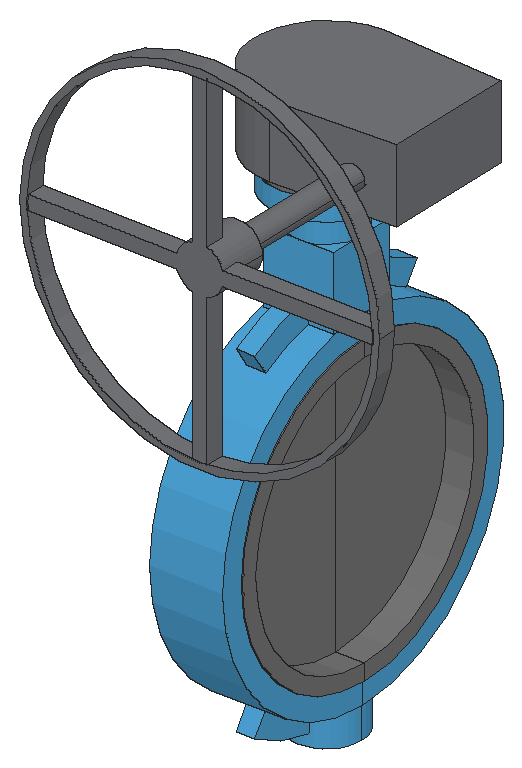
Revit family "731EG Butterfly Valve", category Pipe Accessories, Revit 2018
Family settings
  Round Connector Dimension = Use Diameter
  Part Type = Normal
  Work Plane-Based = No
  Always vertical = Yes
  Cut with Voids When Loaded = No
  Shared = No
Parameters (values of type "Standard")
  pipe radius [instance] = Pipe Diameter / 2  # 4.3125"
  Weight [instance] = size_lookup(LookupTable, "Weight", "NA", Nominal Diameter)  # "42.9 lbs."
  URL = "http://www.fnw.com"
  Standards Lookup Table = "Standards"  # constant formula
  Show Lever Clearance [instance] = no
  R3 [instance] = size_lookup(LookupTable, "R3", 0.000", Nominal Diameter)  # 4.8125"
  R2 [instance] = size_lookup(LookupTable, "R2", 0.000", Nominal Diameter)  # 6.250"
  R1 [instance] = size_lookup(LookupTable, "R1", 0.000", Nominal Diameter)  # 5.500"
  Product ID [instance] = size_lookup(LookupTable, "ProductID", "NA", Nominal Diameter)  # "1861010"
  Pipe Diameter [instance] = size_lookup(Standards Lookup Table, "pipe_dia", 0.000", Nominal Diameter)  # 8.625"
  Part Number [instance] = size_lookup(LookupTable, "PartNumber", "NA", Nominal Diameter)  # "FNW731BGX"
  Nominal Diameter [instance] = 8"
  LookupTable [instance] = "731EG-Butterfly-Valve"  # constant formula
  L4 [instance] = size_lookup(LookupTable, "L4", 0.000", Nominal Diameter)  # 0.590"
  L3 [instance] = size_lookup(LookupTable, "L3", 0.000", Nominal Diameter)  # 0.060"
  L2 [instance] = size_lookup(LookupTable, "L2", 0.000", Nominal Diameter)  # 0.060"
  L1 [instance] = size_lookup(LookupTable, "L1", 0.000", Nominal Diameter)  # 2.180"
  H4 [instance] = size_lookup(LookupTable, "H4", 0.000", Nominal Diameter)  # 9.340"
  H3 [instance] = size_lookup(LookupTable, "H3", 0.000", Nominal Diameter)  # 8.670"
  H2 [instance] = size_lookup(LookupTable, "H2", 0.000", Nominal Diameter)  # 7.665"
  H1 [instance] = size_lookup(LookupTable, "H1", 0.000", Nominal Diameter)  # 6.510"
  Description BOM [instance] = size_lookup(LookupTable, "Description_BOM", "NA", Nominal Diameter)  # "Lead Law Compliant 8 Cast Iron Stainless Steel BUNA 255# Wafer Butterfly Valve Gear Operator"
  D2 [instance] = size_lookup(LookupTable, "D2", 0.000", Nominal Diameter)  # 2.240"
  D1 [instance] = size_lookup(LookupTable, "D1", 0.000", Nominal Diameter)  # 3.540"
  A1 [instance] = 33.00°  # constant formula
  1_Z4 [instance] = size_lookup(LookupTable, "1_Z4", 0.000", Nominal Diameter)  # 1.415"
  1_Z3 [instance] = size_lookup(LookupTable, "1_Z3", 0.000", Nominal Diameter)  # 2.303"
  1_Z2 [instance] = size_lookup(LookupTable, "1_Z2", 0.000", Nominal Diameter)  # 0.453"
  1_Y5 [instance] = size_lookup(LookupTable, "1_Y5", 0.000", Nominal Diameter)  # 0.56102"
  1_Y4 [instance] = size_lookup(LookupTable, "1_Y4", 0.000", Nominal Diameter)  # 1.49606"
  1_Y3 [instance] = size_lookup(LookupTable, "1_Y3", 0.000", Nominal Diameter)  # 8.070"
  1_Y2 [instance] = 0.000"  # constant formula
  1_Y1 [instance] = size_lookup(LookupTable, "1_Y1", 0.000", Nominal Diameter)  # 2.825"
  1_X7 [instance] = size_lookup(LookupTable, "1_X7", 0.000", Nominal Diameter)  # 5.650"
  1_X6 [instance] = size_lookup(LookupTable, "1_X6", 0.000", Nominal Diameter)  # 0.74803"
  1_X5 [instance] = size_lookup(LookupTable, "1_X5", 0.000", Nominal Diameter)  # 0.37402"
  1_X4 [instance] = size_lookup(LookupTable, "1_X4", 0.000", Nominal Diameter)  # 2.480"
  1_X3 [instance] = size_lookup(LookupTable, "1_X3", 0.000", Nominal Diameter)  # 3.840"
Reference planes (in)
  plane 1 "Center (Front/Back)": y = 0
  plane 2: z = 0
  plane 3 "Center (Left/Right)": x = 0
  plane 4: y = 1.09
  plane 5: y = -1.09
  plane 6: x = -1.09
  plane 7: x = 1.09
  plane 8: x = -1.15
  plane 9: x = 1.15
  plane 10: z = -5.5
  plane 11: z = 5.5
  plane 12: z = -6.25
  plane 13: z = 6.25
  plane 14: z = -6.51
  plane 15: z = 7.665
  plane 16: z = 8.67
  plane 17 "Pad Top": z = 9.34
  plane 18: x = -1.77
  plane 19: x = 1.77
  plane 20: z = 4.3125
  plane 21: x = -1.21
  plane 22: x = 1.21
  plane 23: z = 4.8125
  plane 24: x = -0.295
  plane 25: x = 0.295
  plane 26: z = -4.8125
Forms (in)
  Extrusion 1, solid, material "butterfly paint blue"
    sketch origin (0, 0, 0) x (1, 0, 0) y (0, 1, 0)
      loop
        circle (0, 0) r 1.77
    from 8.67 to 9.34
  Revolve 2, solid, material "butterfly paint blue"
    sketch origin (0, 0, 0) x (1, 0, 0) y (0, 0, 1)
      loop
        line (-1.15, 4.8125) -> (1.15, 4.8125) -> (1.15, 5.5) -> (-1.15, 5.5) -> (-1.15, 4.8125)
      axis (-1.15, 0) -> (1.15, 0)
    angle from 0 to 360
  Revolve 3, solid, material "Rubber, Black"
    sketch origin (0, 0, 0) x (1, 0, 0) y (0, 0, 1)
      loop
        line (-1.21, 4.8125) -> (-1.21, 4.3125) -> (-0.295, 4.3125) -> (-0.295, 0) -> (0.295, 0) -> (0.295, 4.3125) -> (1.21, 4.3125) -> (1.21, 4.8125) -> (-1.21, 4.8125)
      axis (1.21, 0) -> (-1.21, 0)
    angle from 0 to 360
  Extrusion 4, solid, material "butterfly paint blue"
    sketch origin (0, 0, 0) x (1, 0, 0) y (0, 1, 0)
      loop
        line (-1.09, 1.09) -> (-1.09, -1.09) -> (1.09, -1.09) -> (1.09, 1.09) -> (-1.09, 1.09)
    from 4.8125 to 7.665
  Extrusion 5, solid, material "butterfly paint blue"
    sketch origin (0, 0, 0) x (1, 0, 0) y (0, 1, 0)
      loop
        circle (0, 0) r 1.09
    from 7.665 to 8.67
  Extrusion 6, solid, material "butterfly paint blue"
    sketch origin (0, 0, 0) x (1, 0, 0) y (0, 1, 0)
      loop
        circle (0, 0) r 1.12
    from -6.51 to -4.8125
  Extrusion 7, solid, material "butterfly paint blue"
    sketch origin (0, 0, 0) x (0, 1, 0) y (0, 0, 1)
      loop
        arc (3.17225, 5.3851) -> (0, 6.25) -> (-3.17225, 5.3851) r 6.25
        line (-3.17225, 5.3851) -> (-2.76333, 4.75542)
        arc (-2.76333, 4.75542) -> (0, 5.5) -> (2.76333, 4.75542) r 5.5
        line (2.76333, 4.75542) -> (3.17225, 5.3851)
      loop
        line (-2.76333, -4.75542) -> (-3.17225, -5.3851)
        arc (-3.17225, -5.3851) -> (0, -6.25) -> (3.17225, -5.3851) r 6.25
        line (3.17225, -5.3851) -> (2.76333, -4.75542)
        arc (2.76333, -4.75542) -> (0, -5.5) -> (-2.76333, -4.75542) r 5.5
    from -0.295 to 0.295
Dimensions and locks (in)
  equal spacing: plane 5, plane 1 "Center (Front/Back)", plane 4
  "L1": plane 5 to plane 4
  equal spacing: plane 7, plane 3 "Center (Left/Right)", plane 6
  "L1": plane 7 to plane 6
  "L2": plane 6 to plane 8
  "L2": plane 7 to plane 9
  "R1": plane 2 to plane 10
  "R1": plane 11 to plane 2
  "R2": plane 13 to plane 2
  "R2": plane 2 to plane 12
  "H1": plane 2 to plane 14
  "H2": plane 15 to plane 2
  "H3": plane 16 to plane 2
  "H4": plane 17 "Pad Top" to plane 2
  equal spacing: plane 18, plane 3 "Center (Left/Right)", plane 19
  "D1": plane 18 to plane 19
  "pipe radius": plane 20 to plane 2
  "L3": plane 21 to plane 8
  "L3": plane 9 to plane 22
  "R3": plane 23 to plane 2
  equal spacing: plane 25, plane 3 "Center (Left/Right)", plane 24
  "L4": plane 25 to plane 24
  "R3": plane 2 to plane 26
  "D1": diameter of Extrusion 1 sketch curve
  "L1": diameter of Extrusion 5 sketch curve
  "D2": diameter of Extrusion 6 sketch curve
  "R2": radius of Extrusion 7 sketch curve  (x2)
  radius of Revolve 2 = 5.500"  (x2)
  "R1": radius of Extrusion 7 sketch curve  (x2)
  "A1": angle Extrusion 7 sketch curve to plane 1 "Center (Front/Back)"  (x2)
  "A1": angle plane 1 "Center (Front/Back)" to Extrusion 7 sketch curve  (x2)
  aligned and locked: plane 2 to level
  aligned and locked: Extrusion 1 to plane 16
  aligned and locked: plane 17 "Pad Top" to Extrusion 1
  aligned and locked: Revolve 2 sketch curve to plane 2
  aligned and locked: Revolve 2 sketch curve to plane 8
  aligned and locked: plane 9 to Revolve 2 sketch curve
  aligned and locked: Revolve 2 sketch curve to plane 23
  aligned and locked: plane 11 to Revolve 2 sketch curve
  aligned and locked: plane 2 to Revolve 3 sketch curve  (x2)
  aligned and locked: Revolve 3 sketch curve to plane 20  (x2)
  aligned and locked: Revolve 3 sketch curve to plane 23
  aligned and locked: plane 21 to Revolve 3 sketch curve
  aligned and locked: Revolve 3 sketch curve to plane 22
  aligned and locked: plane 6 to Extrusion 4 sketch curve
  aligned and locked: plane 4 to Extrusion 4 sketch curve
  aligned and locked: plane 7 to Extrusion 4 sketch curve
  aligned and locked: plane 5 to Extrusion 4 sketch curve
  aligned and locked: Extrusion 4 to plane 23
  aligned and locked: plane 15 to Extrusion 4
  aligned and locked: Extrusion 5 to plane 15
  aligned and locked: plane 16 to Extrusion 5
  aligned and locked: plane 14 to Extrusion 6
  aligned and locked: Extrusion 6 to plane 26
  aligned and locked: Revolve 3 sketch curve to plane 25
  aligned and locked: Revolve 3 sketch curve to plane 24
  aligned and locked: Extrusion 7 to Revolve 3  (x2)
Automatic sketch dimensions
  plane 18 to Revolve 2 sketch curve = 1.38258"
  plane 19 to Revolve 2 sketch curve = 0.67957"
  plane 18 to Revolve 3 sketch curve = 0.55945"
  Revolve 3 sketch curve to plane 24 = 0.0725"
  plane 1 "Center (Front/Back)" to Extrusion 1 sketch curve = 0.000"
  Extrusion 1 sketch curve to plane 3 "Center (Left/Right)" = 0.000"
  plane 1 "Center (Front/Back)" to Extrusion 5 sketch curve = 0.000"
  Extrusion 5 sketch curve to plane 3 "Center (Left/Right)" = 0.000"
  plane 1 "Center (Front/Back)" to Extrusion 6 sketch curve = 0.000"
  Extrusion 6 sketch curve to plane 3 "Center (Left/Right)" = 0.000"
  Extrusion 7 sketch curve to Extrusion 7 sketch curve = 0.000"  (x6)
  Extrusion 7 sketch curve to level = 0.000"
  Extrusion 7 sketch curve to plane 1 "Center (Front/Back)" = 0.000"
  Extrusion 7 sketch curve to plane 23 = 0.05708"  (x2)
  Extrusion 7 sketch curve to plane 26 = 0.05708"  (x2)
Nested families (in)
  nested 1: "butterfly gear" at (0, 0, 9.34), 1_Y1 <- "D2", 1_X3 <- "1_X3", 1_X4 <- "1_X4", 1_X5 <- "1_X5", 1_Z3 <- "1_Z3", 1_Y2 <- "1_Y2", 1_Z2 <- "1_Z2", D1 <- "D1", 1_X6 <- "1_X6", 1_X7 <- "1_X7", 1_Y3 <- "1_Y3", 1_Y4 <- "1_Y4", 1_Y5 <- "1_Y5", 1_Z4 <- "1_Z4", type "butterfly gear"
    with Spoke half 0.22451", Spoke 0.44901", ORS 5.43125", Locked Angle 3.00°, IRS 0.96678", D1 3.540", 1_Z4 1.415", 1_Z3 Half 1.1515", 1_Z3 2.303", 1_Z2 0.453", 1_Y5 0.56102", 1_Y4 1.49606", 1_Y3 8.070", 1_Y2_Half 0.000", 1_Y2 0.000", 1_Y1_Half 1.120", 1_Y1 2.240", 1_X7 5.650", 1_X6 0.74803", 1_X5 0.37402", 1_X4 2.480", 1_X3 3.840"
Connectors (in)
  piping at (1.15, 0, 0), diameter 8, driven by "Nominal Diameter"
    settings: on Revolve 2, index 1, connector inside diameter 24", connector length 0.000", flow factor 0, pipe flow 0 GPM, pressure drop 0.00 psi, fitting loss kfactor 0, connector angle 0.00°, fixture units 0, engagement length 0.000", angle of deflection 0.00°, flow configuration 0, flow direction 0, fitting loss method 0, system type 7, joint type 0, gender type 0, connector reference index -1, connector utility 0, adjustable connector no, is connector primary yes, connector description ""
  piping at (-1.15, 0, 0), diameter 8, driven by "Nominal Diameter"
    settings: on Revolve 2, index 2, connector inside diameter 24", connector length 0.000", flow factor 0, pipe flow 0 GPM, pressure drop 0.00 psi, fitting loss kfactor 0, connector angle 0.00°, fixture units 0, engagement length 0.000", angle of deflection 0.00°, flow configuration 0, flow direction 0, fitting loss method 0, system type 7, joint type 0, gender type 0, connector reference index -1, connector utility 0, adjustable connector no, is connector primary no, connector description ""
Definition of nested family "butterfly gear"
  Parameters (values of type "butterfly gear")
    Spoke half [instance] = 0.22451"
    Spoke [instance] = Spoke half * 2  # 0.44901"
    ORS [instance] = [1_X7] - 0.21875"  # 1.78125"
    Locked Angle [instance] = 3.00°  # constant formula
    IRS [instance] = [1_X6] + 0.21875"  # 0.90625"
    D1 [instance] = 1.500"
    1_Z4 [instance] = 3.750"
    1_Z3 Half [instance] = [1_Z3] / 2  # 0.375"
    1_Z3 [instance] = 0.750"
    1_Z2 [instance] = 0.250"
    Default Elevation = 48.000"
    1_Y5 [instance] = 0.375"
    1_Y4 [instance] = 1.125"
    1_Y3 [instance] = 3.250"
    1_Y2_Half [instance] = [1_Y2] / 2  # 6.61721"
    1_Y2 [instance] = 13.23443"
    1_Y1_Half [instance] = [1_Y1] / 2  # 0.59961"
    1_Y1 [instance] = 1.19922"
    1_X7 [instance] = 2.000"
    1_X6 [instance] = 0.6875"
    1_X5 [instance] = 0.250"
    1_X4 [instance] = 1.500"
    1_X3 [instance] = 2.15625"
  Reference planes (in)
    plane 1 "Center (Front/Back)": y = 0
    plane 2: z = 0
    plane 3 "Center (Left/Right)": x = 0
    plane 4 "Top": z = 0.25
    plane 5: x = 2.15625
    plane 6: y = 1.19922
    plane 7: y = -1.19922
    plane 8: z = 1
    plane 9: x = 1.5
    plane 10: y = -3.25
    plane 11 "gear center": z = 3.75
    plane 12: y = -2.875
  Forms (in)
    Extrusion 1, solid
      sketch origin (0, 0, 0) x (1, 0, 0) y (0, 1, 0)
        loop
          arc (0, 1.19922) -> (-1.19922, 0) -> (0, -1.19922) r 1.19922
          line (0, -1.19922) -> (2.15625, -1.08621) -> (2.15625, 1.08621) -> (0, 1.19922)
      from 0.25 to 1
    Extrusion 2, solid
      sketch origin (0, 0, 0) x (1, 0, 0) y (0, 1, 0)
        loop
          circle (0, 0) r 0.75
      from 0 to 0.25
    Revolve 3, solid
      sketch origin (0, 0, 3.75) x (-1, 0, 0) y (0, -1, 0)
        loop
          line (-1.5, 0) -> (-1.25, 0) -> (-1.25, 2.125) -> (-0.8125, 2.125) -> (-0.8125, 3.25) -> (-1.5, 3.25) -> (-1.5, 0)
        axis (-1.5, 0) -> (-1.5, 3.25)
      angle from 0 to 360
    Extrusion 4, solid
      sketch origin (0, 0, 0) x (1, 0, 0) y (0, 0, 1)
        loop
          line (1.27549, 5.53125) -> (1.27549, 3.97451) -> (-0.28125, 3.97451) -> (-0.28125, 3.52549) -> (1.27549, 3.52549) -> (1.27549, 1.96875) -> (1.72451, 1.96875) -> (1.72451, 3.52549) -> (3.28125, 3.52549) -> (3.28125, 3.97451) -> (1.72451, 3.97451) -> (1.72451, 5.53125) -> (1.27549, 5.53125)
      from 2.875 to 3.25
    Extrusion 5, solid
      sketch origin (0, 0, 0) x (1, 0, 0) y (0, 0, 1)
        loop
          circle (1.5, 3.75) r 1.78125
        loop
          circle (1.5, 3.75) r 2
      from 2.875 to 3.25
  Cuts and joins
    joined: Revolve 3, Extrusion 4
  Lines and regions (in)
    reference lines
      curve 1: line (1.27406, 0, 0) -> (-2.01203, 0, 0)
      curve 2: line (0, 0.75, 0) -> (0, -0.75, 0)
  Dimensions and locks (in)
    "1_Z2": plane 4 "Top" to level
    "1_X3": plane 3 "Center (Left/Right)" to plane 5
    "1_Y1": plane 7 to plane 1 "Center (Front/Back)"
    "1_Y1": plane 1 "Center (Front/Back)" to plane 6
    "1_Z3": plane 8 to plane 4 "Top"
    "1_X4": plane 3 "Center (Left/Right)" to plane 9
    "1_Y3": plane 10 to plane 1 "Center (Front/Back)"
    "1_X5": Revolve 3 sketch curve to plane 9
    "1_X6": Revolve 3 sketch curve to plane 9
    "1_Y4": Revolve 3 sketch curve to plane 10
    "1_Y5": plane 12 to plane 10
    "1_Z4": plane 11 "gear center" to plane 2
    equal spacing: Extrusion 4 sketch curve, plane 9, Extrusion 4 sketch curve
    equal spacing: Extrusion 4 sketch curve, plane 11 "gear center", Extrusion 4 sketch curve
    "Spoke": Extrusion 4 sketch curve to Extrusion 4 sketch curve  (x2)
    "ORS": Extrusion 4 sketch curve to plane 11 "gear center" to Extrusion 4 sketch curve
    "ORS": Extrusion 4 sketch curve to plane 9 to Extrusion 4 sketch curve
    "1_Y1": radius of Extrusion 1 sketch curve
    "D1": diameter of Extrusion 2 sketch curve
    "ORS": radius of Extrusion 5 sketch curve
    "1_X7": radius of Extrusion 5 sketch curve
    "Locked Angle": angle Extrusion 1 sketch curve to plane 6
    "Locked Angle": angle plane 7 to Extrusion 1 sketch curve
    aligned and locked: plane 2 to level
    aligned and locked: Extrusion 1 sketch curve to plane 5
    aligned and locked: Extrusion 1 to plane 4 "Top"
    aligned and locked: Extrusion 1 to plane 8
    aligned and locked: plane 4 "Top" to Extrusion 2
    aligned and locked: Extrusion 2 to level
    aligned and locked: Revolve 3 sketch curve to plane 9
    aligned and locked: Revolve 3 sketch curve to plane 1 "Center (Front/Back)"
    aligned and locked: Extrusion 4 to plane 10
    aligned and locked: plane 12 to Extrusion 4
    aligned and locked: cut or joined group of Revolve 3, Extrusion 4 to plane 10
    aligned and locked: plane 12 to cut or joined group of Revolve 3, Extrusion 4
    aligned and locked: Extrusion 5 to plane 10
    aligned and locked: plane 12 to Extrusion 5
    aligned and locked: Revolve 3 sketch curve to plane 10
  Automatic sketch dimensions
    plane 1 "Center (Front/Back)" to curve 1 = 0.000"
    curve 2 to plane 3 "Center (Left/Right)" = 0.000"
    curve 1 to plane 3 "Center (Left/Right)" = 2.01203"
    curve 1 to plane 9 = 0.22594"
    plane 7 to curve 2 = 0.44922"
    plane 6 to curve 2 = 0.44922"
    Extrusion 1 sketch curve to plane 3 "Center (Left/Right)" = 0.000"  (x2)
    Extrusion 1 sketch curve to plane 7 = 0.000"
    plane 1 "Center (Front/Back)" to Extrusion 2 sketch curve = 0.000"
    Extrusion 2 sketch curve to plane 3 "Center (Left/Right)" = 0.000"
    Revolve 3 sketch curve to plane 9 = 0.000"
    plane 7 to Revolve 3 sketch curve = 0.19922"
    Revolve 3 sketch curve to Revolve 3 sketch curve = 0.75779"
    Extrusion 4 sketch curve to plane 9 = 0.22451"
    plane 9 to Extrusion 4 sketch curve = 0.22451"
    Extrusion 4 sketch curve to plane 11 "gear center" = 0.22451"
    plane 11 "gear center" to Extrusion 4 sketch curve = 0.22451"
    Extrusion 5 sketch curve to Extrusion 5 sketch curve = 0.000"  (x2)
    Extrusion 5 sketch curve to plane 9 = 0.000"
    Extrusion 5 sketch curve to plane 11 "gear center" = 0.000"
